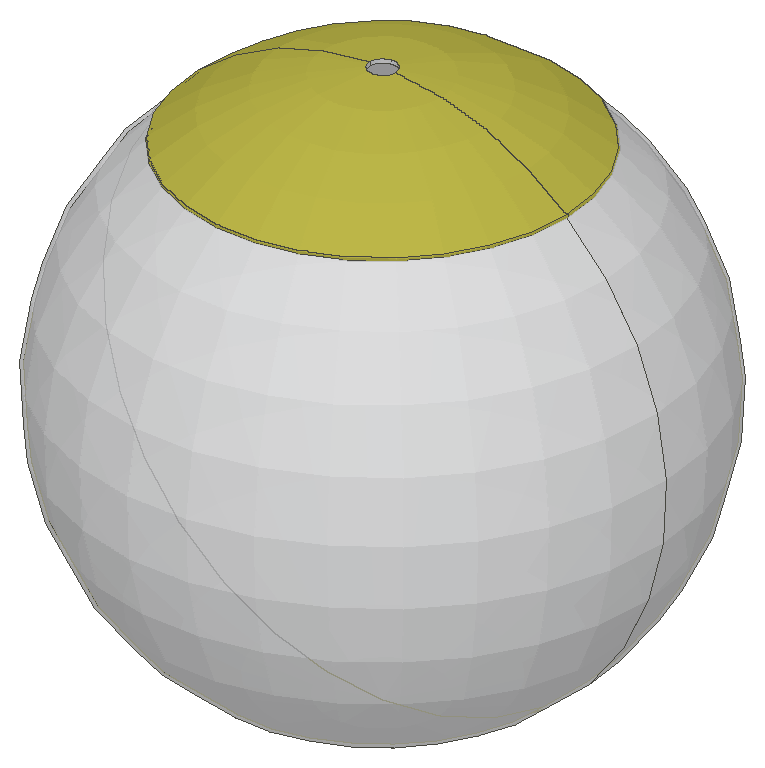
Revit family "OB16 SHADE", category Lighting Fixtures, Revit 2024
Family settings
  Round Connector Dimension = Use Diameter
  Part Type = Normal
  OmniClass Number = 23.80.70.00
  OmniClass Title = Lighting
  Work Plane-Based = No
  Always vertical = Yes
  Cut with Voids When Loaded = No
  Light Source = No
  Maintain Annotation Orientation = No
  Shared = No
  Room Calculation Point = No
Parameters
  Default Elevation = 0' - 0"
Reference planes (in)
  plane 1 "Light Source Axis (F/B)": y = 0
  plane 2: z = 0
  plane 3 "Light Source Axis (L/R)": x = 0
  plane 4 "Light Source Elevation": z = 54
Forms (in)
  Revolve 1, solid
    sketch origin (0, 0, 0) x (1, 0, 0) y (0, 0, 1)
      loop
        arc (-0.37064, 70.05398) -> (-2.93946, 69.50756) -> (-5.19638, 68.16454) r 8.0625
        arc (-5.19638, 68.16454) -> (-5.21047, 68.1239) -> (-5.19496, 68.08378) r 0.0625
        arc (-5.19496, 68.08378) -> (-7.50567, 59.23145) -> (0, 54) r 8
        line (0, 54) -> (0, 54.09375)
        arc (0, 54.09375) -> (-7.41772, 59.26389) -> (-5.13408, 68.01249) r 7.90625
        line (-5.13408, 68.01249) -> (-5.13408, 68.09444)
        arc (-5.13408, 68.09444) -> (-2.90615, 69.41993) -> (-0.37064, 69.96013) r 7.96875
        line (-0.37064, 69.96013) -> (-0.37064, 70.05398)
      axis (0, 70.05398) -> (0, 54)
    angle from 0 to 360
Dimensions and locks (in)
  aligned and locked: level to plane 2
